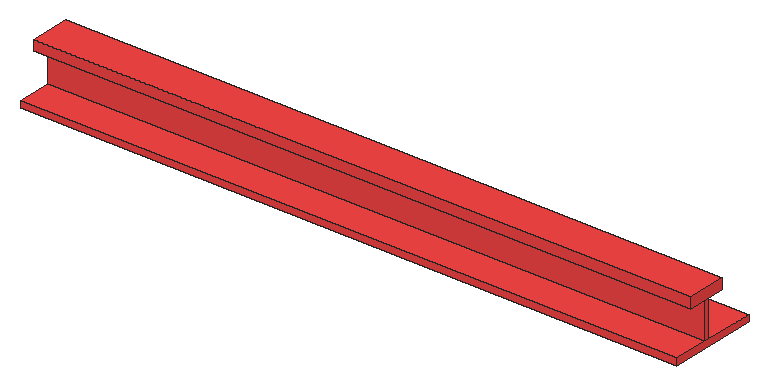
Revit family "GSY-E18", category Structural Framing, Revit 2018
Family settings
  Section Shape = Not Defined
  Material for Model Behavior = Other
  Always export as geometry = No
  OmniClass Number = 23.25.30.11.14.14
  OmniClass Title = Beams
  Always vertical = Yes
  Cut with Voids When Loaded = No
  Symbolic Representation = From Family
  Shared = No
  Show family pre-cut in plan views = Yes
Parameters (values of type "GSY-E18/15-34")
  t2 = 25 mm
  t1 = 40 mm
  hw = 140 mm
  d = 15 mm
  b2 = 340 mm
  b1 = 150 mm
  Structural Material [instance] = bips-Steel
  Manufacturer = "Give Steel A/S"
  Length [instance] = 3000 mm
Types (6, lengths in mm): name | b2 | b1 | Length
  (no name) | 340 | 150 | 3000
  GSY-E18/15-34 | 340 | 150 | 3000
  GSY-E18/18-37 | 370 | 180 | 3000
  GSY-E18/22-41 | 410 | 220 | 3000
  GSY-E18/27-46 | 460 | 270 | 3000
  GSY-E18/30-49 | 490 | 300 | 4000
Reference planes
  plane 1 "Center (Front/Back)": y = 0
  plane 2 "Center Elevation": z = 0
  plane 3 "Center (Left/Right)": x = 0
  plane 4 "Left": x = -1500
  plane 5 "Member Left": x = -1250
  plane 6 "Stick Symbol Left": x = -1000
  plane 7 "Right": x = 1500
  plane 8 "Member Right": x = 1250
  plane 9 "Stick Symbol Right": x = 1000
  plane 10: y = 75
  plane 11: y = -75
  plane 12: y = 200
  plane 13: y = -140
  plane 14: z = 122.5
  plane 15: z = 82.5
  plane 16: z = -82.5
  plane 17: z = -57.5
  plane 18: y = -7.5
  plane 19: y = 7.5
Forms (mm)
  Extrusion 1, solid, material "bips-Steel" <- "Structural Material"
    sketch origin (0, 0, 0) x (0, 1, 0) y (0, 0, 1)
      loop
        line (75, 122.5) -> (-75, 122.5) -> (-75, 82.5) -> (75, 82.5) -> (75, 122.5)
    from -1250 to 1250
  Extrusion 2, solid, material "bips-Steel" <- "Structural Material"
    sketch origin (0, 0, -90) x (0, 1, 0) y (0, 0, 1)
      loop
        line (7.5, 172.5) -> (-7.5, 172.5) -> (-7.5, 32.5) -> (7.5, 32.5) -> (7.5, 172.5)
    from -1250 to 1250
  Extrusion 3, solid, material "bips-Steel" <- "Structural Material"
    sketch origin (0, 0, -345) x (0, 1, 0) y (0, 0, 1)
      loop
        line (200, 287.5) -> (-140, 287.5) -> (-140, 262.5) -> (200, 262.5) -> (200, 287.5)
    from -1250 to 1250
Lines and regions (mm)
  model lines, style "Stick Symbols", detail levels coarse
    curve 1: line (-1000, 0, 0) -> (1000, 0, 0)
Dimensions and locks
  equal spacing: plane 4 "Left", plane 3 "Center (Left/Right)", plane 7 "Right"
  "Length": plane 4 "Left" to plane 7 "Right"
  equal spacing: plane 10, plane 1 "Center (Front/Back)", plane 11
  "b1": plane 10 to plane 11
  "b2": plane 12 to plane 13
  "t1": plane 14 to plane 15
  "t2": plane 17 to plane 16
  equal spacing: plane 15, plane 2 "Center Elevation", plane 16
  equal spacing: plane 19, plane 1 "Center (Front/Back)", plane 18
  "d": plane 19 to plane 18
  "hw": plane 15 to plane 17
  locked: plane 13 to plane 11 at 65
  equal spacing: plane 18, plane 1 "Center (Front/Back)", plane 19
  equal spacing: plane 11, plane 1 "Center (Front/Back)", plane 10
  aligned and locked: plane 5 "Member Left" to Extrusion 1
  aligned and locked: Extrusion 1 to plane 8 "Member Right"
  aligned and locked: plane 1 "Center (Front/Back)" to curve 1
  aligned and locked: plane 6 "Stick Symbol Left" to curve 1
  aligned and locked: plane 9 "Stick Symbol Right" to curve 1
  aligned and locked: level to plane 2 "Center Elevation"
  aligned and locked: Extrusion 1 sketch curve to plane 14
  aligned and locked: plane 10 to Extrusion 1 sketch curve
  aligned and locked: Extrusion 1 sketch curve to plane 11
  aligned and locked: Extrusion 2 sketch curve to plane 18
  aligned and locked: Extrusion 2 sketch curve to plane 19
  aligned and locked: Extrusion 2 sketch curve to plane 17
  aligned and locked: Extrusion 3 sketch curve to plane 16
  aligned and locked: Extrusion 3 sketch curve to plane 17
  aligned and locked: Extrusion 3 sketch curve to plane 13
  aligned and locked: plane 12 to Extrusion 3 sketch curve
  aligned and locked: Extrusion 2 sketch curve to plane 15
  aligned and locked: plane 5 "Member Left" to Extrusion 3
  aligned and locked: Extrusion 3 to plane 8 "Member Right"
  aligned and locked: Extrusion 2 to plane 8 "Member Right"
  aligned and locked: plane 5 "Member Left" to Extrusion 2
Automatic sketch dimensions
  Extrusion 1 sketch curve to plane 15 = 0 mm
